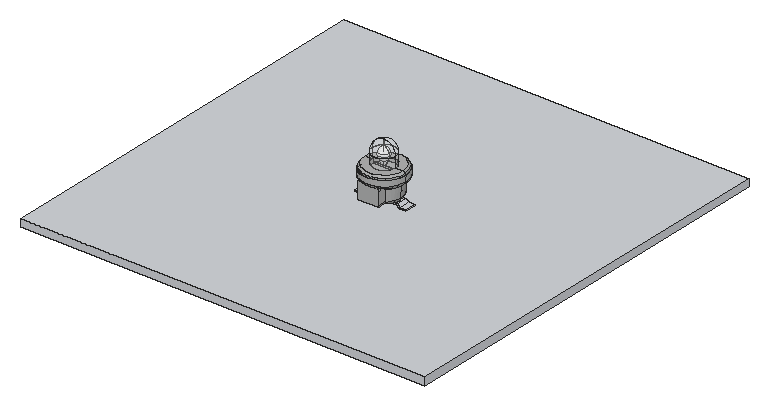
Revit family "216D", category Lighting Fixtures, host Face, Revit 2014
Parameters (values of type "216D")
  Wings = Paint - Hubbell - Light Silver
  Width = 280.00 mm
  Watts = 50 W
  Wattage Comments = "50W"
  Wattage = 50 W
  Warranty = "5 years Warranty"  # constant formula
  built-in parameter 1150110 = 1 (stored number, unit not read)
  Voltage = 120 V
  URL = "https://www.hubbell.com/chalmit/en"
  built-in parameter 1114217 = 1 (stored number, unit not read)
  Tilt Angle = 90.00°  # constant formula
  built-in parameter 1150109 = 1 (stored number, unit not read)
  built-in parameter 1150134 = 3
  built-in parameter 1150113 = 1 (stored number, unit not read)
  Reflector Finish = Hubbell - White Glass
  Product Link = "https://www.hubbell.com/chalmit/en/Products/Lighting-Controls/Harsh-Hazardous-Lighting/High-Bay---Low-Bay---Well-Glass/216/p/866039"
  Product Documentation Link = "https://hubbellcdn.com/specsheet/CHL_216_WELLGLASS.pdf"
  Power Factor = 1
  Photometric Web File = "CHL_216D_050_HS.ies"
  Pendent Height [instance] = 97.00 mm
  built-in parameter 1150142 = "IESNA:LM-63-1995\r\n[TEST]MAC DATA\r\n[DATE]UNKNOWN\r\n[MANUFAC]Chalmit Lighting\r\n[LUMCAT]216D/050/HS\r\n[LUMINAIRE]216 Well Glass\r\n[LAMP]50W SON-E\r\n[_LUMTYPE]High Bay\r\n[_LAMPTYPE]HID\r\n[_LAMPMORE]Coated Elliptical High Pressure Sodium, E27\r\n[_HAZRATING]Zone 1\r\n[_HAZPRO]Ex d, Ex e, ATEX, GOST\r\n[_ENVIRORATING]IP66, IP67\r\n[_AMBIENT]-50Â°C to +50Â°C (T4)\r\n[_MOUNT]Surface, Suspended\r\n[_KEYWORDS]Pole, Column, Mast, Wire Guard, Stirrup, HPS\r\n[_DRAWFILE]216.dwg\r\n \r\n \r\n \r\nTILT=NONE\r\n1 3500 1 37 1 1 2 0.23 0.23 0.14\r\n1 1 60\r\n0 5 10 15 20 25 30 35 40 45 50 55 60 65 70 75 80 85 90 95 100 105 110 115 120\r\n 125 130 135 140 145 150 155 160 165 170 175 180\r\n0\r\n171.5 161 175 171.5 171.5 185.5 189 199.5 217 231 245 259 266 266 269.5 269.5\r\n 273 273 276.5 273 269.5 273 238 171.5 108.5 42 7 0 0 0 0 0 0 0 0 0 0\r\n"
  Mounting = Paint - Hubbell - Light Silver
  Model = "216D"
  Manufacturer = "Chalmit"  # constant formula
  built-in parameter 1150105 = 397.89 (stored number, unit not read)
  Lumens = 5000 lm
  built-in parameter 1150115 = 1 (stored number, unit not read)
  Load Classification = Lighting
  built-in parameter 1150137 = (empty or 0)
  built-in parameter 1150139 = (empty or 0)
  Length = 270.00 mm
  built-in parameter 1150112 = 1 (stored number, unit not read)
  built-in parameter 1150114 = 1 (stored number, unit not read)
  Lamp = "LED"  # constant formula
  Inner Length = 200.00 mm
  built-in parameter 1150132 = (empty or 0)
  built-in parameter 1150102 = (empty or 0)
  built-in parameter 1150107 = 3200 (stored number, unit not read)
  built-in parameter 1150138 = (empty or 0)
  built-in parameter 1150106 = 3.9789 (stored number, unit not read)
  IP Rating = "IP66/67"  # constant formula
  Housing Material = Paint - Hubbell - White Texture
  Glass = Hubbell - Glass
  Fixture distribution = "Direct"  # constant formula
  Features = "Installation to gas groups IIA and IIB\r\nHighly resistant to mechanical damage and corrosion.\r\nStainless steel fasteners.\r\nCompact and efficient.\r\nEx e terminal chamber.\r\nAnchor chain on glass cover assembly.\r\nSuitable for use down to -50˚C ambient.\r\nATEX Certified and EAC Approved."  # constant formula
  Emit from Circle Diameter = 50.00 mm
  Emit Shape Visible in Rendering = no
  built-in parameter 1150104 = 9.2903 (stored number, unit not read)
  Height = 535.00 mm
  Dimming Lamp Color Temperature Shift = <None>
  Description = "The 216 well-glass luminaire is ideal for use where a compact, robust and efficient source of localised lighting is needed. Designed for use in Zone 1 and 21 hazardous areas, the rangeaccommodates high pressure sodium lamps up to 70W. The 216 is made from corrosion resistant aluminium alloy and toughened boro-silicate glass using stainless steel fastenings and has an IP66/67 rating. The luminaire features a large side mounted increased safety terminal chamber eliminating the need for flame-proof cable glands and allowing flush mounting."  # constant formula
  Default Elevation = 1219.20 mm
  Copyright = " ©2020 Chalmit, a division of Hubbell Lighting, Inc"  # constant formula
  Contact = "https://www.hubbell.com/chalmit/en/contactUs"
  Connector Description = "Lighting Connector"  # constant formula
  Color Filter = 16777215
  built-in parameter 1114218 = 1 (stored number, unit not read)
  built-in parameter 1150133 = 10 (stored number, unit not read)
  Assembly Code = "D5020200"
  Apparent Load = Watts / Power Factor  # 50 VA
Reference planes
  plane 1 "Center (Front/Back)": y = 0
  plane 2: z = 14.125
  plane 3 "Center (Left/Right)": x = 0
  plane 4: z = -150.375
  plane 5: x = 135
  plane 6: x = -135
  plane 7: z = 189.125
  plane 8: z = 364.125
  plane 9: z = 105.125
  plane 10: z = 189.125
  plane 11: x = -100
  plane 12: x = 100
Forms (mm)
  Extrusion 1, solid
    sketch origin (0, 0, 0) x (1, 0, 0) y (0, 1, 0)
      loop
        line (-1219.2, 1219.2) -> (-1219.2, -1219.2) -> (1219.2, -1219.2) -> (1219.2, 1219.2) -> (-1219.2, 1219.2)
    from 14.125 to -31.75
  Extrusion 2, solid, material "Paint - Hubbell - White Texture" <- "Housing Material"
    sketch origin (79.196, 0.804, 0) x (-1, 0, 0) y (0, 0, -1)
      loop
        arc (136.564, -141.572) -> (143.635, -138.643) -> (146.564, -131.572) r 10
        line (146.564, -131.572) -> (146.564, -51.572)
        arc (146.564, -51.572) -> (143.635, -44.501) -> (136.564, -41.572) r 10
        line (136.564, -41.572) -> (24.064, -41.572)
        arc (24.064, -41.572) -> (16.993, -44.501) -> (14.064, -51.572) r 10
        line (14.064, -51.572) -> (14.064, -131.572)
        arc (14.064, -131.572) -> (16.993, -138.643) -> (24.064, -141.572) r 10
        line (24.064, -141.572) -> (136.564, -141.572)
    from 78.684 to 120
  Revolve 3, solid, material "Paint - Hubbell - White Texture" <- "Housing Material"
    sketch origin (0, 0, 0) x (1, 0, 0) y (0, 0, 1)
      loop
        line (0, 40.837) -> (89.196, 40.837)
        arc (89.196, 40.837) -> (97.01, 44.175) -> (100, 52.128) r 10.814
        line (100, 52.128) -> (103.664, 122.032)
        arc (103.664, 122.032) -> (108.841, 134.532) -> (121.341, 139.71) r 17.678
        arc (121.341, 139.71) -> (127.244, 142.155) -> (129.688, 148.057) r 8.347
        line (129.688, 148.057) -> (129.688, 183.057) -> (124.688, 183.057) -> (124.688, 193.057) -> (114.082, 203.664) -> (69.082, 203.664) -> (68.002, 183.057) -> (0, 183.057) -> (0, 40.837)
      axis (0, 203.664) -> (0, 40.837)
    angle from 0 to 360
  Revolve 4, solid, material "Hubbell - Glass" <- "Glass"
    sketch origin (0, 0, 0) x (1, 0, 0) y (0, 0, 1)
      loop
        line (0.216, 193.057) -> (70, 193.057) -> (70, 265.557)
        arc (70, 265.557) -> (49.483, 314.458) -> (0.216, 334.08) r 68.534
        line (0.216, 334.08) -> (0.216, 193.057)
      axis (0, 334.08) -> (0, 193.057)
    angle from 0 to 360
  Revolve 5, solid, material "Hubbell - White Glass" <- "Reflector Finish"
    sketch origin (0, 0, -6.25) x (1, 0, 0) y (0, 0, 1)
      loop
        line (0, 200.347) -> (5.083, 200.347)
        arc (5.083, 200.347) -> (17.929, 215.25) -> (23.818, 234.024) r 48.628
        arc (23.818, 234.024) -> (30.583, 245.933) -> (33.608, 259.291) r 46.766
        arc (33.608, 259.291) -> (33.208, 266.38) -> (30.969, 273.118) r 26.94
        arc (30.969, 273.118) -> (19.41, 292.839) -> (0, 304.914) r 47.68
        line (0, 304.914) -> (0, 200.347)
      axis (0, 304.914) -> (0, 200.347)
    angle from 0 to 360
  Extrusion 6, solid
    sketch origin (0, 0, 0) x (1, 0, 0) y (0, 0, 1)
      loop
        line (-155, 14.125) -> (-116.47, 14.125) -> (-103.066, 27.529) -> (0, 27.529) -> (100.566, 27.529) -> (113.97, 14.125) -> (155, 14.125) -> (155, 21.2) -> (117.5, 21.2) -> (104.986, 33.713) -> (0, 33.713) -> (-107.486, 33.713) -> (-120, 21.2) -> (-155, 21.2) -> (-155, 14.125)
    from -34.379 to 31.237
  Revolve 7, solid, material "Paint - Hubbell - White Texture"
    sketch origin (0, 0, 0) x (1, 0, 0) y (0, 0, 1)
      loop
        line (-82.381, 41.882) -> (-82.381, 21.859) -> (-74.235, 21.859) -> (-74.235, 27.529) -> (-77.381, 27.529) -> (-77.381, 33.713) -> (-72.381, 33.713) -> (-72.381, 41.882) -> (-82.381, 41.882)
      axis (-82.381, 41.882) -> (-82.381, 21.859)
    angle from 0 to 360
  Revolve 8, solid, material "Paint - Hubbell - White Texture"
    sketch origin (0, 0, 0) x (-1, 0, 0) y (0, 0, 1)
      loop
        line (-82.381, 41.882) -> (-82.381, 21.859) -> (-74.235, 21.859) -> (-74.235, 27.529) -> (-77.381, 27.529) -> (-77.381, 33.713) -> (-72.381, 33.713) -> (-72.381, 41.882) -> (-82.381, 41.882)
      axis (-82.381, 41.882) -> (-82.381, 21.859)
    angle from 0 to 360
Cuts and joins
  joined: Extrusion 2, Revolve 3
Dimensions and locks
  plane 2 to plane 4 = 164.50 mm
  "Length": plane 5 to plane 6
  equal spacing: plane 5, plane 3 "Center (Left/Right)", plane 6
  plane 2 to plane 7 to plane 8 = 175.00 mm, 175.00 mm
  plane 2 to plane 8 = 350.00 mm
  plane 8 to plane 7 to Extrusion 1 = 175.00 mm, 175.00 mm
  plane 8 to Extrusion 1 = 350.00 mm
  "Inner Length": plane 12 to plane 11
  equal spacing: plane 12, plane 3 "Center (Left/Right)", plane 11
  aligned and locked: plane 2 to Extrusion 1
Automatic sketch dimensions
  Extrusion 1 sketch curve to Extrusion 1 sketch curve = 2438.40 mm  (x2)
  Extrusion 2 sketch curve to plane 12 = 34.868 mm
  Extrusion 2 sketch curve to Extrusion 2 sketch curve = 10.00 mm  (x3)
  plane 11 to Extrusion 2 sketch curve = 42.632 mm  (x2)
  Extrusion 2 sketch curve to plane 9 = 36.447 mm
  plane 2 to Extrusion 2 sketch curve = 37.447 mm
  Revolve 3 sketch curve to plane 3 "Center (Left/Right)" = 0.00 mm  (x2)
  Revolve 3 sketch curve to plane 12 = 0.00 mm
  plane 7 to Revolve 3 sketch curve = 6.068 mm  (x2)
  Revolve 3 sketch curve to plane 12 = 31.998 mm
  Revolve 3 sketch curve to Revolve 3 sketch curve = 1.08 mm
  Revolve 3 sketch curve to plane 12 = 10.804 mm
  plane 12 to Revolve 3 sketch curve = 3.664 mm
  plane 12 to Revolve 3 sketch curve = 14.082 mm
  Revolve 3 sketch curve to plane 5 = 13.659 mm
  Revolve 3 sketch curve to plane 7 = 3.932 mm
  Revolve 3 sketch curve to plane 5 = 10.312 mm
  Revolve 3 sketch curve to Revolve 3 sketch curve = 5.00 mm
  Revolve 3 sketch curve to Revolve 3 sketch curve = 35.00 mm
  Revolve 3 sketch curve to plane 9 = 16.907 mm
  plane 2 to Revolve 3 sketch curve = 38.003 mm
  Revolve 3 sketch curve to Revolve 3 sketch curve = 0.477 mm
  Revolve 3 sketch curve to plane 7 = 14.539 mm
  Revolve 3 sketch curve to plane 4 = 459.225 mm
  Revolve 3 sketch curve to plane 8 = 338.037 mm
  Revolve 4 sketch curve to plane 3 "Center (Left/Right)" = 0.00 mm
  plane 3 "Center (Left/Right)" to Revolve 4 sketch curve = 0.216 mm
  plane 3 "Center (Left/Right)" to Revolve 4 sketch curve = 1.466 mm
  Revolve 4 sketch curve to plane 7 = 3.932 mm
  Revolve 4 sketch curve to plane 12 = 30.00 mm
  Revolve 4 sketch curve to Revolve 4 sketch curve = 72.50 mm
  Revolve 4 sketch curve to Revolve 4 sketch curve = 4.955 mm
  Revolve 4 sketch curve to plane 8 = 65.00 mm
  Extrusion 6 sketch curve to plane 2 = 0.00 mm  (x2)
  Extrusion 6 sketch curve to plane 3 "Center (Left/Right)" = 0.00 mm  (x2)
  Extrusion 6 sketch curve to plane 11 = 3.066 mm
  Extrusion 6 sketch curve to plane 11 = 7.486 mm
  Extrusion 6 sketch curve to plane 11 = 16.47 mm
  plane 2 to Extrusion 6 sketch curve = 7.075 mm  (x2)
  Extrusion 6 sketch curve to Extrusion 6 sketch curve = 3.53 mm  (x2)
  Extrusion 6 sketch curve to plane 6 = 20.00 mm
  plane 12 to Extrusion 6 sketch curve = 0.566 mm
  plane 12 to Extrusion 6 sketch curve = 4.986 mm
  plane 12 to Extrusion 6 sketch curve = 13.97 mm
  plane 5 to Extrusion 6 sketch curve = 20.00 mm
  plane 2 to Extrusion 6 sketch curve = 13.404 mm
  Extrusion 6 sketch curve to Extrusion 6 sketch curve = 6.184 mm
  plane 11 to Revolve 7 sketch curve = 17.619 mm  (x2)
  Revolve 7 sketch curve to Revolve 7 sketch curve = 5.00 mm  (x2)
  Revolve 7 sketch curve to Revolve 7 sketch curve = 3.146 mm
  plane 2 to Revolve 7 sketch curve = 7.734 mm
  Revolve 7 sketch curve to Revolve 7 sketch curve = 5.67 mm
  Revolve 7 sketch curve to Revolve 7 sketch curve = 6.184 mm
  Revolve 7 sketch curve to Revolve 7 sketch curve = 8.169 mm
  level to Revolve 7 sketch curve = 3.131 mm
  Revolve 7 sketch curve to Revolve 7 sketch curve = 1.272 mm
  plane 12 to Revolve 8 sketch curve = 17.619 mm  (x2)
  Revolve 8 sketch curve to Revolve 8 sketch curve = 5.00 mm  (x2)
  Revolve 8 sketch curve to Revolve 8 sketch curve = 3.146 mm
  Revolve 8 sketch curve to plane 2 = 7.734 mm
  Revolve 8 sketch curve to Revolve 8 sketch curve = 5.67 mm
  Revolve 8 sketch curve to Revolve 8 sketch curve = 6.184 mm
  Revolve 8 sketch curve to Revolve 8 sketch curve = 8.169 mm
  Revolve 8 sketch curve to level = 3.131 mm
  Revolve 8 sketch curve to Revolve 8 sketch curve = 1.272 mm
  Revolve 5 sketch curve to plane 3 "Center (Left/Right)" = 0.00 mm
  plane 3 "Center (Left/Right)" to Revolve 5 sketch curve = 0.00 mm
  Revolve 5 sketch curve to plane 3 "Center (Left/Right)" = 13.024 mm
  Revolve 5 sketch curve to Revolve 5 sketch curve = 1.723 mm
  Revolve 5 sketch curve to Revolve 5 sketch curve = 9.819 mm
  Revolve 5 sketch curve to plane 7 = 4.972 mm
  Revolve 5 sketch curve to Revolve 5 sketch curve = 5.083 mm
  plane 3 "Center (Left/Right)" to Revolve 5 sketch curve = 6.745 mm
  Revolve 5 sketch curve to plane 7 = 43.516 mm
  Revolve 5 sketch curve to Revolve 5 sketch curve = 20.68 mm
  Revolve 5 sketch curve to Revolve 5 sketch curve = 1.758 mm
  Revolve 5 sketch curve to Revolve 5 sketch curve = 3.257 mm
  Revolve 5 sketch curve to Revolve 5 sketch curve = 42.085 mm
  plane 3 "Center (Left/Right)" to Revolve 5 sketch curve = 23.818 mm
  Revolve 5 sketch curve to Revolve 5 sketch curve = 2.639 mm
  Revolve 5 sketch curve to plane 4 = 465.475 mm
  Revolve 5 sketch curve to plane 8 = 331.787 mm
Connectors
  electrical at (-51.533, 1.571, 27.529), driven by "Voltage", driven by "Apparent Load", driven by "Power Factor", driven by "Connector Description"
    settings: on Extrusion 6, index 1, voltage 120 V, apparent load 50 VA, apparent load phase1 0 VA, apparent load phase2 0 VA, apparent load phase3 0 VA, power factor 1, load classification "Other", number of poles 1, system type 30, power factor state 1, is connector primary yes, connector utility no, sub classification motor no, connector description "Lighting Connector"
